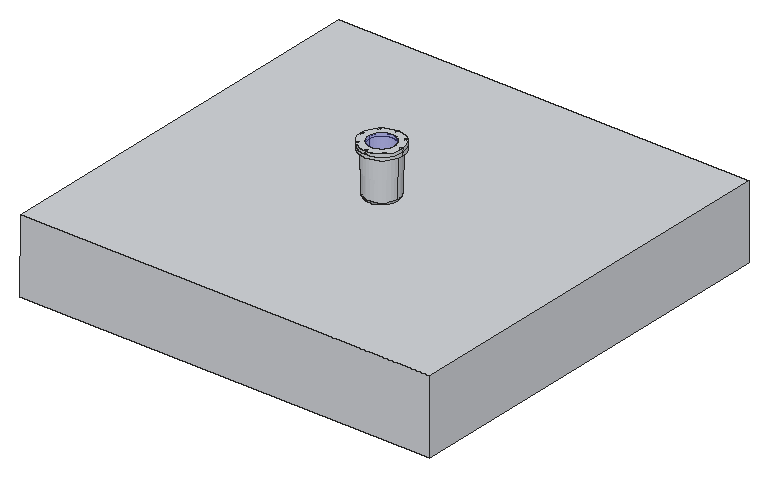
Revit family "Alcon-9042-Revit-Family", category Luminarias, Revit 2025
Family settings
  Anfitrión = Cara
  Cota de conector redondo = Usar diámetro
  Tipo de pieza = Normal
  Corte con vacíos al cargar = No
  Origen de luz = Sí
  Mantener orientación de anotación = No
  Compartido = No
  Punto de cálculo de habitación = No
Parameters
  Tilt Angle = 60.00°
  built-in parameter 1010506 = 0.5236 (stored number, unit not read)
  built-in parameter 1010507 = 1.5708 (stored number, unit not read)
  Wattage = 9.2903 W
  URL = "https://www.alconlighting.com/fiata-9042-unique.html"
  built-in parameter 1150107 = 3200 (stored number, unit not read)
  TOP FINISH = none
  TAP LENS = none
  built-in parameter 1150110 = 1 (stored number, unit not read)
  built-in parameter 1150109 = 1 (stored number, unit not read)
  built-in parameter 1150112 = 1 (stored number, unit not read)
  built-in parameter 1150113 = 1 (stored number, unit not read)
  built-in parameter 1114218 = 1 (stored number, unit not read)
  Product Page = "https://www.alconlighting.com/fiata-9042-unique.html"
  Product Data URL = "https://www.alconlighting.com/fiata-9042-unique.html"
  built-in parameter 1150137 = (empty or 0)
  built-in parameter 1150132 = (empty or 0)
  Modelo = "Alcon Lighting 9034-9"
  Longitud de símbolo de origen de luz = 10' - 0"
  Link to IES File = "https://www.alconlighting.com/fiata-9042-unique.html"
  LENS GLASS = Glass
  built-in parameter 1150105 = 4614.1 (stored number, unit not read)
  built-in parameter 1150102 = (empty or 0)
  built-in parameter 1150106 = 46.141 (stored number, unit not read)
  HOUSING = none
  GLASS LENS = Analytical Panels
  Lumens = 1380 lm
  Color Filter = 16777215
  built-in parameter 1114217 = 1 (stored number, unit not read)
  built-in parameter 1150139 = (empty or 0)
  Fabricante = "Alcon Lighting"
  Default Elevation = 4' - 0"
  built-in parameter 1150104 = 13.8 (stored number, unit not read)
  built-in parameter 1150115 = 1 (stored number, unit not read)
  built-in parameter 1150114 = 1 (stored number, unit not read)
  built-in parameter 1150138 = (empty or 0)
  built-in parameter 1150134 = 3
  Dimming Lamp Color Temperature Shift = (empty or 0)
  built-in parameter 1150133 = 10 (stored number, unit not read)
Reference planes (in)
  plane 1 "Center (Front/Back)": y = 0
  plane 2: z = 0
  plane 3 "Center (Left/Right)": x = 0
Forms (in)
  Extrusion 1, solid
    sketch origin (0, 0, 0) x (1, 0, 0) y (0, 1, 0)
      loop
        line (-33, 32.41633) -> (-33, -32.59453) -> (33.96505, -32.59453) -> (33.96505, 32.41633) -> (-33, 32.41633)
    from 0 to -12
  Extrusion 2, solid
    sketch origin (0, 0, 0) x (1, 0, 0) y (0, 1, 0)
      loop
        circle (0, 0) r 3.375
      loop
        circle (0, 0) r 2.17126
    from 7.64844 to 8.10156
  Revolve 3, solid
    sketch origin (0, 0, 0) x (1, 0, 0) y (0, 0, 1)
      loop
        line (3.375, 7.64844) -> (2.1848, 7.64844) -> (2.05654, 0.30063)
        arc (2.05654, 0.30063) -> (1.03362, 0.15017) -> (0, 0.12508) r 8.49513
        line (0, 0.12508) -> (0, 0)
        arc (0, 0) -> (1.24566, 0.0452) -> (2.47178, 0.26957) r 8.62013
        arc (2.47178, 0.26957) -> (2.60547, 0.35685) -> (2.65908, 0.50723) r 0.25
        line (2.65908, 0.50723) -> (2.775, 7.14844) -> (3.375, 7.14844) -> (3.375, 7.64844)
      axis (0, 7.64844) -> (0, 0)
    angle from 0 to 360
  Extrusion 4, solid
    sketch origin (0, 0, 0) x (1, 0, 0) y (0, 1, 0)
      loop
        circle (0, 0) r 0.63
      loop
        circle (0, 0) r 0.5675
      loop
        circle (-1.03, 1.49039) r 0.57
      loop
        circle (-1.03, 1.49039) r 0.5075
      loop
        circle (1.03, 1.49039) r 0.57
      loop
        circle (1.03, 1.49039) r 0.5075
    from 0 to 0.3581
  Extrusion 5, solid, material "Glass" <- "LENS GLASS"
    sketch origin (0, 0, 0) x (1, 0, 0) y (0, 1, 0)
      loop
        circle (0, 0) r 2.17126
    from 8.00011 to 8.10156
  Extrusion 6, void
    sketch origin (22, 0, 0) x (1, 0, 0) y (0, 1, 0)
      loop
        circle (-22, 3.17077) r 0.19354
      loop
        circle (-22, -3.17077) r 0.19354
      loop
        circle (-18.82923, 0) r 0.19354
      loop
        circle (-25.17077, 0) r 0.19354
      loop
        circle (-19.75793, 2.24207) r 0.19354
      loop
        circle (-24.24207, 2.24207) r 0.19354
      loop
        circle (-19.75793, -2.24207) r 0.19354
      loop
        circle (-24.24207, -2.24207) r 0.19354
    from 7.80873 to 8.29276
Cuts and joins
  Extrusion 6 cuts Extrusion 2
Dimensions and locks (in)
  aligned and locked: plane 2 to Extrusion 1
  aligned and locked: level to Extrusion 1
